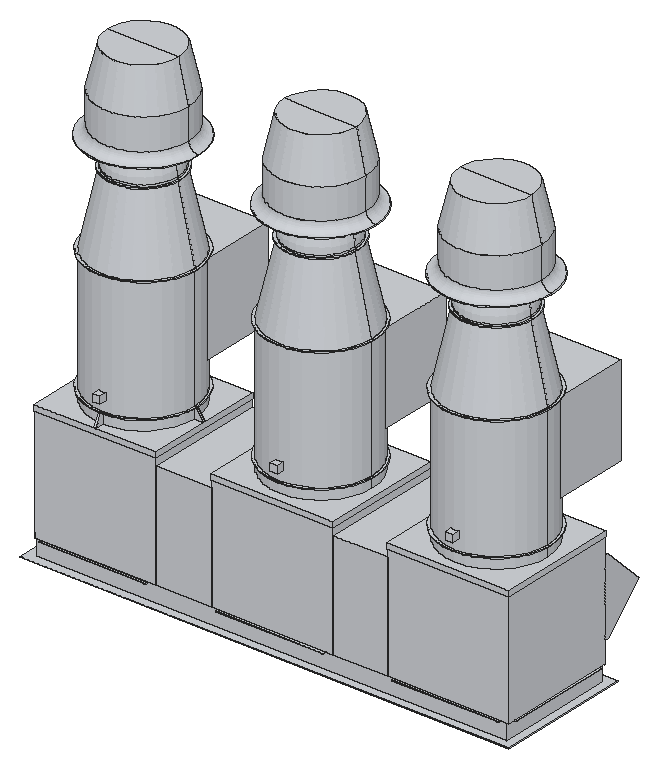
Revit family "QMXVP_with_1X3", category Mechanical Equipment, Revit 2019 (continued)
Types (225): name | UNIT_RADIUS+4" | UNIT_RADIUS*.6 | UNIT_RADIUS | UNIT_RAD+((A/2)+.25")+4" | UNIT_RAD+((A/2)+.25") | UNIT_OD | UNIT_HEIGHT*.75 | UNIT_HEIGHT | TYPE | TRIP_G | TRIP_F | TRIPLE_F+1" | TRANSITION_TOP | RO2/2 | RO/2 | RO | NOZZLE_WB_RAD-2" | NOZZLE_WB_RAD | NOZZLE_WB/4 | NOZZLE_TOP_RAD | NOZZLE_TOP_OD | NOZZLE_SIZE | NOZZLE_HEIGHT/7*2 | NOZZLE_HEIGHT | NOZZLE_BOTTOM_RAD | NOZZLE_WB_OD | NOZZLE_BOTTOM_ID | MB_HT/2 | MB_HT-2.75" | MB_HT+.25" | MB_HT | MB_A | LONG_RO | GA | E | DUAL_G | DUAL_F+1" | DUAL_F | C/2 | C | B/2 | B | A/2 | A+.5 | A | Type Comments | Model | -A | (NOZZLE_WB_OD-NOZZLE_TOP_OD)/2 | (NOZZLE_HEIGHT-(NOZZLE_HEIGHT/8*2))/2 | (A/2)-2" | (A/2)+.25"
  300_QMXVP-27L-1X3_Mixing_Box | 2' - 1 1/4" | 1' - 7 1/8" | 1' - 9 1/4" | 4' - 3 1/2" | 3' - 11 1/2" | 3' - 6 1/2" | 3' - 4 1/2" | 4' - 6" | 0' - 0" | 17' - 7 5/16" | 17' - 8" | 17' - 9" | 6' - 5 1/4" | 1' - 10 3/8" | 1' - 10 3/8" | 3' - 8 3/4" | 2' - 4 1/2" | 2' - 6 1/2" | 1' - 0.2" | 1' - 7 27/32" | 3' - 3 11/16" | 27' - 0" | 1' - 3 5/32" | 5' - 0 5/8" | 1' - 7 5/32" | 5' - 1" | 3' - 2 5/16" | 2' - 1 7/32" | 3' - 11 11/16" | 4' - 2 11/16" | 4' - 2 7/16" | 5' - 8" | 17' - 1 1/16" | 0' - 0 27/256" | 4' - 2 15/16" | 10' - 11 1/8" | 11' - 1 1/4" | 11' - 0 1/4" | 2' - 9 1/2" | 5' - 7" | 6' - 2" | 12' - 4" | 2' - 2" | 4' - 4 1/2" | 4' - 4" | "Vari-Plume Laboratory Exhaust Mixed-Flow Inline Belt Drive With 1X3 Mixing Box\r\n" | "QMXVP-1X3_Mixing Box" | -4' - 4" | 0' - 5 21/64" | 1' - 10 47/64" | 2' - 0" | 2' - 2 1/4"
  330_QMXHPVP-27H-1X3_Mixing_Box | 2' - 3 3/8" | 1' - 9.0375" | 1' - 11 3/8" | 4' - 7 5/8" | 4' - 3 5/8" | 3' - 10 3/4" | 3' - 7 7/8" | 4' - 10 1/2" | 1' - 0" | 17' - 11 5/16" | 18' - 0" | 18' - 1" | 7' - 5 3/4" | 2' - 0 5/16" | 2' - 0 5/16" | 4' - 0 5/8" | 2' - 4 1/2" | 2' - 6 1/2" | 1' - 0.2" | 1' - 7 27/32" | 3' - 3 11/16" | 27' - 0" | 1' - 3 5/32" | 5' - 0 5/8" | 1' - 7 5/32" | 5' - 1" | 3' - 2 5/16" | 2' - 2 27/32" | 4' - 2 15/16" | 4' - 5 15/16" | 4' - 5 11/16" | 6' - 1" | 17' - 5 1/16" | 0' - 0 27/256" | 4' - 6 13/16" | 11' - 3 1/8" | 11' - 5 1/4" | 11' - 4 1/4" | 3' - 0 1/2" | 6' - 1" | 6' - 5" | 12' - 10" | 2' - 4" | 4' - 8 1/2" | 4' - 8" | "Vari-Plume Laboratory Exhaust Mixed-Flow High Pressure Inline Belt Drive With 1X3 Mixing Box\r\n" | "QMXHPVP-1X3_Mixing Box" | -4' - 8" | 0' - 5 21/64" | 1' - 10 47/64" | 2' - 2" | 2' - 4 1/4"
  330_QMXHPVP-27L-1X3_Mixing_Box | 2' - 3 3/8" | 1' - 9.0375" | 1' - 11 3/8" | 4' - 7 5/8" | 4' - 3 5/8" | 3' - 10 3/4" | 3' - 7 7/8" | 4' - 10 1/2" | 1' - 0" | 17' - 11 5/16" | 18' - 0" | 18' - 1" | 7' - 5 3/4" | 2' - 0 5/16" | 2' - 0 5/16" | 4' - 0 5/8" | 2' - 4 1/2" | 2' - 6 1/2" | 1' - 0.2" | 1' - 7 27/32" | 3' - 3 11/16" | 27' - 0" | 1' - 3 5/32" | 5' - 0 5/8" | 1' - 7 5/32" | 5' - 1" | 3' - 2 5/16" | 2' - 2 27/32" | 4' - 2 15/16" | 4' - 5 15/16" | 4' - 5 11/16" | 6' - 1" | 17' - 5 1/16" | 0' - 0 27/256" | 4' - 6 13/16" | 11' - 3 1/8" | 11' - 5 1/4" | 11' - 4 1/4" | 3' - 0 1/2" | 6' - 1" | 6' - 5" | 12' - 10" | 2' - 4" | 4' - 8 1/2" | 4' - 8" | "Vari-Plume Laboratory Exhaust Mixed-Flow High Pressure Inline Belt Drive With 1X3 Mixing Box\r\n" | "QMXHPVP-1X3_Mixing Box" | -4' - 8" | 0' - 5 21/64" | 1' - 10 47/64" | 2' - 2" | 2' - 4 1/4"
  330_QMXVP-27H-1X3_Mixing_Box | 2' - 3 3/8" | 1' - 9.0375" | 1' - 11 3/8" | 4' - 7 5/8" | 4' - 3 5/8" | 3' - 10 3/4" | 3' - 7 7/8" | 4' - 10 1/2" | 0' - 0" | 17' - 11 5/16" | 18' - 0" | 18' - 1" | 7' - 5 3/4" | 2' - 0 5/16" | 2' - 0 5/16" | 4' - 0 5/8" | 2' - 4 1/2" | 2' - 6 1/2" | 1' - 0.2" | 1' - 7 27/32" | 3' - 3 11/16" | 27' - 0" | 1' - 3 5/32" | 5' - 0 5/8" | 1' - 7 5/32" | 5' - 1" | 3' - 2 5/16" | 2' - 2 27/32" | 4' - 2 15/16" | 4' - 5 15/16" | 4' - 5 11/16" | 6' - 1" | 17' - 5 1/16" | 0' - 0 27/256" | 4' - 6 13/16" | 11' - 3 1/8" | 11' - 5 1/4" | 11' - 4 1/4" | 3' - 0 1/2" | 6' - 1" | 6' - 5" | 12' - 10" | 2' - 4" | 4' - 8 1/2" | 4' - 8" | "Vari-Plume Laboratory Exhaust Mixed-Flow Inline Belt Drive With 1X3 Mixing Box\r\n" | "QMXVP-1X3_Mixing Box" | -4' - 8" | 0' - 5 21/64" | 1' - 10 47/64" | 2' - 2" | 2' - 4 1/4"
  330_QMXVP-27L-1X3_Mixing_Box | 2' - 3 3/8" | 1' - 9.0375" | 1' - 11 3/8" | 4' - 7 5/8" | 4' - 3 5/8" | 3' - 10 3/4" | 3' - 7 7/8" | 4' - 10 1/2" | 0' - 0" | 17' - 11 5/16" | 18' - 0" | 18' - 1" | 7' - 5 3/4" | 2' - 0 5/16" | 2' - 0 5/16" | 4' - 0 5/8" | 2' - 4 1/2" | 2' - 6 1/2" | 1' - 0.2" | 1' - 7 27/32" | 3' - 3 11/16" | 27' - 0" | 1' - 3 5/32" | 5' - 0 5/8" | 1' - 7 5/32" | 5' - 1" | 3' - 2 5/16" | 2' - 2 27/32" | 4' - 2 15/16" | 4' - 5 15/16" | 4' - 5 11/16" | 6' - 1" | 17' - 5 1/16" | 0' - 0 27/256" | 4' - 6 13/16" | 11' - 3 1/8" | 11' - 5 1/4" | 11' - 4 1/4" | 3' - 0 1/2" | 6' - 1" | 6' - 5" | 12' - 10" | 2' - 4" | 4' - 8 1/2" | 4' - 8" | "Vari-Plume Laboratory Exhaust Mixed-Flow Inline Belt Drive With 1X3 Mixing Box\r\n" | "QMXVP-1X3_Mixing Box" | -4' - 8" | 0' - 5 21/64" | 1' - 10 47/64" | 2' - 2" | 2' - 4 1/4"
  365_QMXHPVP-27H-1X3_Mixing_Box | 2' - 5 7/8" | 1' - 11.2875" | 2' - 1 7/8" | 5' - 1 1/8" | 4' - 9 1/8" | 4' - 3 3/4" | 4' - 0" | 5' - 4" | 1' - 0" | 21' - 3 1/4" | 21' - 5" | 21' - 6" | 8' - 8 1/4" | 2' - 3 1/4" | 2' - 3 1/4" | 4' - 6 1/2" | 2' - 4 1/2" | 2' - 6 1/2" | 1' - 0.2" | 1' - 7 27/32" | 3' - 3 11/16" | 27' - 0" | 1' - 3 5/32" | 5' - 0 5/8" | 1' - 7 5/32" | 5' - 1" | 3' - 2 5/16" | 2' - 5 27/32" | 4' - 8 15/16" | 4' - 11 15/16" | 4' - 11 11/16" | 6' - 10" | 20' - 9" | 0' - 0 27/256" | 5' - 0 3/4" | 13' - 2" | 13' - 4 3/4" | 13' - 3 3/4" | 3' - 3 1/2" | 6' - 7" | 7' - 3 1/2" | 14' - 7" | 2' - 7" | 5' - 2 1/2" | 5' - 2" | "Vari-Plume Laboratory Exhaust Mixed-Flow High Pressure Inline Belt Drive With 1X3 Mixing Box\r\n" | "QMXHPVP-1X3_Mixing Box" | -5' - 2" | 0' - 5 21/64" | 1' - 10 47/64" | 2' - 5" | 2' - 7 1/4"
  365_QMXHPVP-27L-1X3_Mixing_Box | 2' - 5 7/8" | 1' - 11.2875" | 2' - 1 7/8" | 5' - 1 1/8" | 4' - 9 1/8" | 4' - 3 3/4" | 4' - 0" | 5' - 4" | 1' - 0" | 21' - 3 1/4" | 21' - 5" | 21' - 6" | 8' - 8 1/4" | 2' - 3 1/4" | 2' - 3 1/4" | 4' - 6 1/2" | 2' - 4 1/2" | 2' - 6 1/2" | 1' - 0.2" | 1' - 7 27/32" | 3' - 3 11/16" | 27' - 0" | 1' - 3 5/32" | 5' - 0 5/8" | 1' - 7 5/32" | 5' - 1" | 3' - 2 5/16" | 2' - 5 27/32" | 4' - 8 15/16" | 4' - 11 15/16" | 4' - 11 11/16" | 6' - 10" | 20' - 9" | 0' - 0 27/256" | 5' - 0 3/4" | 13' - 2" | 13' - 4 3/4" | 13' - 3 3/4" | 3' - 3 1/2" | 6' - 7" | 7' - 3 1/2" | 14' - 7" | 2' - 7" | 5' - 2 1/2" | 5' - 2" | "Vari-Plume Laboratory Exhaust Mixed-Flow High Pressure Inline Belt Drive With 1X3 Mixing Box\r\n" | "QMXHPVP-1X3_Mixing Box" | -5' - 2" | 0' - 5 21/64" | 1' - 10 47/64" | 2' - 5" | 2' - 7 1/4"
  365_QMXVP-27H-1X3_Mixing_Box | 2' - 5 7/8" | 1' - 11.2875" | 2' - 1 7/8" | 5' - 1 1/8" | 4' - 9 1/8" | 4' - 3 3/4" | 4' - 0" | 5' - 4" | 0' - 0" | 21' - 3 1/4" | 21' - 5" | 21' - 6" | 8' - 8 1/4" | 2' - 3 1/4" | 2' - 3 1/4" | 4' - 6 1/2" | 2' - 4 1/2" | 2' - 6 1/2" | 1' - 0.2" | 1' - 7 27/32" | 3' - 3 11/16" | 27' - 0" | 1' - 3 5/32" | 5' - 0 5/8" | 1' - 7 5/32" | 5' - 1" | 3' - 2 5/16" | 2' - 5 27/32" | 4' - 8 15/16" | 4' - 11 15/16" | 4' - 11 11/16" | 6' - 10" | 20' - 9" | 0' - 0 27/256" | 5' - 0 3/4" | 13' - 2" | 13' - 4 3/4" | 13' - 3 3/4" | 3' - 3 1/2" | 6' - 7" | 7' - 3 1/2" | 14' - 7" | 2' - 7" | 5' - 2 1/2" | 5' - 2" | "Vari-Plume Laboratory Exhaust Mixed-Flow Inline Belt Drive With 1X3 Mixing Box\r\n" | "QMXVP-1X3_Mixing Box" | -5' - 2" | 0' - 5 21/64" | 1' - 10 47/64" | 2' - 5" | 2' - 7 1/4"
  365_QMXVP-27L-1X3_Mixing_Box | 2' - 5 7/8" | 1' - 11.2875" | 2' - 1 7/8" | 5' - 1 1/8" | 4' - 9 1/8" | 4' - 3 3/4" | 4' - 0" | 5' - 4" | 0' - 0" | 21' - 3 1/4" | 21' - 5" | 21' - 6" | 8' - 8 1/4" | 2' - 3 1/4" | 2' - 3 1/4" | 4' - 6 1/2" | 2' - 4 1/2" | 2' - 6 1/2" | 1' - 0.2" | 1' - 7 27/32" | 3' - 3 11/16" | 27' - 0" | 1' - 3 5/32" | 5' - 0 5/8" | 1' - 7 5/32" | 5' - 1" | 3' - 2 5/16" | 2' - 5 27/32" | 4' - 8 15/16" | 4' - 11 15/16" | 4' - 11 11/16" | 6' - 10" | 20' - 9" | 0' - 0 27/256" | 5' - 0 3/4" | 13' - 2" | 13' - 4 3/4" | 13' - 3 3/4" | 3' - 3 1/2" | 6' - 7" | 7' - 3 1/2" | 14' - 7" | 2' - 7" | 5' - 2 1/2" | 5' - 2" | "Vari-Plume Laboratory Exhaust Mixed-Flow Inline Belt Drive With 1X3 Mixing Box\r\n" | "QMXVP-1X3_Mixing Box" | -5' - 2" | 0' - 5 21/64" | 1' - 10 47/64" | 2' - 5" | 2' - 7 1/4"
  402_QMXHPVP-27H-1X3_Mixing_Box | 2' - 8 15/32" | 2' - 1.62188" | 2' - 4 15/32" | 5' - 6 7/32" | 5' - 2 7/32" | 4' - 8 15/16" | 4' - 3 3/8" | 5' - 8 1/2" | 1' - 0" | 21' - 8 3/8" | 21' - 10" | 21' - 11" | 9' - 10 3/4" | 2' - 5 23/32" | 2' - 5 23/32" | 4' - 11 7/16" | 2' - 4 1/2" | 2' - 6 1/2" | 1' - 0.2" | 1' - 7 27/32" | 3' - 3 11/16" | 27' - 0" | 1' - 3 5/32" | 5' - 0 5/8" | 1' - 7 5/32" | 5' - 1" | 3' - 2 5/16" | 2' - 8 31/32" | 5' - 3 3/16" | 5' - 6 3/16" | 5' - 5 15/16" | 7' - 6" | 21' - 2 1/8" | 0' - 0 27/256" | 5' - 5 3/4" | 13' - 7" | 13' - 9 3/4" | 13' - 8 3/4" | 3' - 8" | 7' - 4" | 7' - 7 1/2" | 15' - 3" | 2' - 9 1/2" | 5' - 7 1/2" | 5' - 7" | "Vari-Plume Laboratory Exhaust Mixed-Flow High Pressure Inline Belt Drive With 1X3 Mixing Box\r\n" | "QMXHPVP-1X3_Mixing Box" | -5' - 7" | 0' - 5 21/64" | 1' - 10 47/64" | 2' - 7 1/2" | 2' - 9 3/4"
  402_QMXHPVP-27L-1X3_Mixing_Box | 2' - 8 15/32" | 2' - 1.62188" | 2' - 4 15/32" | 5' - 6 7/32" | 5' - 2 7/32" | 4' - 8 15/16" | 4' - 3 3/8" | 5' - 8 1/2" | 1' - 0" | 21' - 8 3/8" | 21' - 10" | 21' - 11" | 9' - 10 3/4" | 2' - 5 23/32" | 2' - 5 23/32" | 4' - 11 7/16" | 2' - 4 1/2" | 2' - 6 1/2" | 1' - 0.2" | 1' - 7 27/32" | 3' - 3 11/16" | 27' - 0" | 1' - 3 5/32" | 5' - 0 5/8" | 1' - 7 5/32" | 5' - 1" | 3' - 2 5/16" | 2' - 8 31/32" | 5' - 3 3/16" | 5' - 6 3/16" | 5' - 5 15/16" | 7' - 6" | 21' - 2 1/8" | 0' - 0 27/256" | 5' - 5 3/4" | 13' - 7" | 13' - 9 3/4" | 13' - 8 3/4" | 3' - 8" | 7' - 4" | 7' - 7 1/2" | 15' - 3" | 2' - 9 1/2" | 5' - 7 1/2" | 5' - 7" | "Vari-Plume Laboratory Exhaust Mixed-Flow High Pressure Inline Belt Drive With 1X3 Mixing Box\r\n" | "QMXHPVP-1X3_Mixing Box" | -5' - 7" | 0' - 5 21/64" | 1' - 10 47/64" | 2' - 7 1/2" | 2' - 9 3/4"
  402_QMXVP-27H-1X3_Mixing_Box | 2' - 8 15/32" | 2' - 1.62188" | 2' - 4 15/32" | 5' - 6 7/32" | 5' - 2 7/32" | 4' - 8 15/16" | 4' - 3 3/8" | 5' - 8 1/2" | 0' - 0" | 21' - 8 3/8" | 21' - 10" | 21' - 11" | 9' - 10 3/4" | 2' - 5 23/32" | 2' - 5 23/32" | 4' - 11 7/16" | 2' - 4 1/2" | 2' - 6 1/2" | 1' - 0.2" | 1' - 7 27/32" | 3' - 3 11/16" | 27' - 0" | 1' - 3 5/32" | 5' - 0 5/8" | 1' - 7 5/32" | 5' - 1" | 3' - 2 5/16" | 2' - 8 31/32" | 5' - 3 3/16" | 5' - 6 3/16" | 5' - 5 15/16" | 7' - 6" | 21' - 2 1/8" | 0' - 0 27/256" | 5' - 5 3/4" | 13' - 7" | 13' - 9 3/4" | 13' - 8 3/4" | 3' - 8" | 7' - 4" | 7' - 7 1/2" | 15' - 3" | 2' - 9 1/2" | 5' - 7 1/2" | 5' - 7" | "Vari-Plume Laboratory Exhaust Mixed-Flow Inline Belt Drive With 1X3 Mixing Box\r\n" | "QMXVP-1X3_Mixing Box" | -5' - 7" | 0' - 5 21/64" | 1' - 10 47/64" | 2' - 7 1/2" | 2' - 9 3/4"
  402_QMXVP-27L-1X3_Mixing_Box | 2' - 8 15/32" | 2' - 1.62188" | 2' - 4 15/32" | 5' - 6 7/32" | 5' - 2 7/32" | 4' - 8 15/16" | 4' - 3 3/8" | 5' - 8 1/2" | 0' - 0" | 21' - 8 3/8" | 21' - 10" | 21' - 11" | 9' - 10 3/4" | 2' - 5 23/32" | 2' - 5 23/32" | 4' - 11 7/16" | 2' - 4 1/2" | 2' - 6 1/2" | 1' - 0.2" | 1' - 7 27/32" | 3' - 3 11/16" | 27' - 0" | 1' - 3 5/32" | 5' - 0 5/8" | 1' - 7 5/32" | 5' - 1" | 3' - 2 5/16" | 2' - 8 31/32" | 5' - 3 3/16" | 5' - 6 3/16" | 5' - 5 15/16" | 7' - 6" | 21' - 2 1/8" | 0' - 0 27/256" | 5' - 5 3/4" | 13' - 7" | 13' - 9 3/4" | 13' - 8 3/4" | 3' - 8" | 7' - 4" | 7' - 7 1/2" | 15' - 3" | 2' - 9 1/2" | 5' - 7 1/2" | 5' - 7" | "Vari-Plume Laboratory Exhaust Mixed-Flow Inline Belt Drive With 1X3 Mixing Box\r\n" | "QMXVP-1X3_Mixing Box" | -5' - 7" | 0' - 5 21/64" | 1' - 10 47/64" | 2' - 7 1/2" | 2' - 9 3/4"
